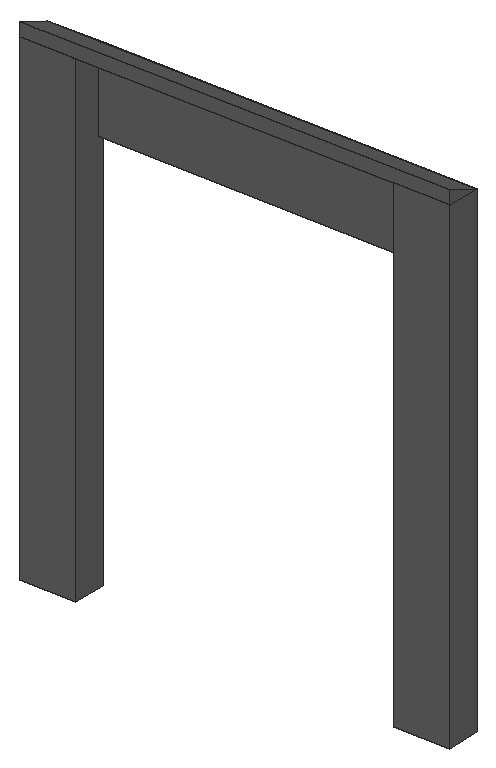
Revit family "S-700 (DSH)", category Generic Models, host Wall, Revit 2015
Parameters (values of type "9'x12' Door")
  Width = 10' - 7"
  URL = "https://www.entrematic.us/en/ent/entrematicus/"
  SidePadHeight = 12' - 0"
  Projection = 0' - 10"
  Opening = 7' - 10"
  Model = "S-700/DSH"
  Manufacturer = "Entrematic"
  DropCurtain = 2' - 0"
  Description = "Foam Dock Seal"
Types (7): name | Width | SidePadHeight | Opening
  (no name) | 10' - 7" | 12' - 0" | 7' - 10"
  8'x10' Door | 9' - 6" | 10' - 0" | 7' - 6"
  8.5'x10' Door | 10' - 0" | 10' - 0" | 7' - 8"
  9'x10' Door | 10' - 7" | 10' - 0" | 7' - 10"
  8'x12' Door | 9' - 6" | 12' - 0" | 7' - 6"
  8.5'x12' Door | 10' - 0" | 12' - 0" | 7' - 8"
  9'x12' Door | 10' - 7" | 12' - 0" | 7' - 10"
Reference planes (in)
  plane 1: y = 0
  plane 2 "Center (Left/Right)": x = 0
  plane 3 "Wall Edge": y = 3
  plane 4: x = -47
  plane 5: x = -63.5
  plane 6: x = 47
  plane 7: x = 63.5
  plane 8: z = 148
  plane 9: z = 144
  plane 10: y = 13
  plane 11: y = 3
  plane 12: y = 13.03125
  plane 13: x = 51
  plane 14: x = 54
  plane 15: x = -51
  plane 16: x = -54
  plane 17: y = 11
  plane 18: z = 120
Forms (in)
  Extrusion 1, solid, material "Skin"
    sketch origin (0, 3, 0) x (1, 0, 0) y (0, 0, 1)
      loop
        line (63.5, 144) -> (47, 144) -> (47, 0) -> (63.5, 0) -> (63.5, 144)
      loop
        line (-47, 144) -> (-63.5, 144) -> (-63.5, 0) -> (-47, 0) -> (-47, 144)
    from 0 to -10
  Extrusion 2, solid, material "Guide Stripe"
    sketch origin (0, 3, 0) x (1, 0, 0) y (0, 0, 1)
      loop
        line (54, 0) -> (54, 120) -> (51, 120) -> (51, 0) -> (54, 0)
      loop
        line (-54, 0) -> (-51, 0) -> (-51, 120) -> (-54, 120) -> (-54, 0)
    from -10.03125 to -10
  Extrusion 3, solid, material "Skin"
    sketch origin (0, 0, 48) x (0, 1, 0) y (0, 0, 1)
      loop
        line (3, 100) -> (3, 96) -> (13, 96) -> (3, 100)
    from -63.5 to 63.5
  Extrusion 4, solid, material "Skin"
    sketch origin (0, 0, 0) x (0, 1, 0) y (0, 0, 1)
      loop
        line (11, 144) -> (11, 120) -> (13, 120) -> (13, 144) -> (11, 144)
    from -47 to 47
Text (in)
  text "Placement Side" at (0, 40.15149, 123.01588), in view "Right"
  text "Placement Side" at (-70.3804, 28.46503, 0), in view "Ref. Level"
  text "Placement Side" at (0, 81.62555, 140.59947), in view "Left"
Dimensions and locks (in)
  locked: plane 3 "Wall Edge" to host wall
  equal spacing: plane 6, plane 2 "Center (Left/Right)", plane 4
  "Opening": plane 6 to plane 4
  equal spacing: plane 7, plane 2 "Center (Left/Right)", plane 5
  "Width": plane 7 to plane 5
  "SidePadHeight": level to plane 9
  "Projection": plane 10 to plane 11
  plane 12 to plane 10 = 0' - 0 1/32"
  plane 14 to plane 13 to plane 6 = 0' - 3" locked, 0' - 4" locked
  plane 16 to plane 15 to plane 4 = 0' - 3" locked, 0' - 4" locked
  locked: plane 9 to plane 8 at 4
  locked: plane 17 to plane 10 at 2
  "DropCurtain": plane 18 to plane 9
  "Projection": plane 3 "Wall Edge" to Extrusion 3 sketch curve
  aligned and locked: plane 11 to host wall
  aligned and locked: Extrusion 1 sketch curve to level
  aligned and locked: Extrusion 1 sketch curve to plane 6
  aligned and locked: Extrusion 1 sketch curve to plane 4
  aligned and locked: Extrusion 1 sketch curve to plane 5
  aligned and locked: Extrusion 1 sketch curve to plane 9
  aligned and locked: level to Extrusion 1 sketch curve
  aligned and locked: Extrusion 1 to plane 11
  aligned and locked: plane 13 to Extrusion 2 sketch curve
  aligned and locked: Extrusion 2 sketch curve to plane 14
  aligned and locked: Extrusion 2 sketch curve to plane 16
  aligned and locked: Extrusion 2 sketch curve to plane 15
  aligned and locked: level to Extrusion 2 sketch curve
  aligned and locked: Extrusion 2 to plane 10
  aligned and locked: plane 12 to Extrusion 2
  aligned and locked: Extrusion 3 sketch curve to plane 9
  aligned and locked: Extrusion 3 sketch curve to plane 11
  aligned and locked: Extrusion 3 to plane 9
  aligned and locked: Extrusion 3 to plane 5
  aligned and locked: plane 7 to Extrusion 3
  aligned and locked: plane 17 to Extrusion 4 sketch curve
  aligned and locked: Extrusion 4 sketch curve to plane 9
  aligned and locked: Extrusion 4 to plane 4
  aligned and locked: Extrusion 4 to plane 18
  aligned and locked: plane 18 to Extrusion 2  (x2)
  aligned and locked: plane 6 to Extrusion 4
  aligned and locked: Extrusion 2 to level
  aligned and locked: Extrusion 4 sketch curve to plane 10
  aligned and locked: plane 10 to Extrusion 1
  aligned and locked: plane 7 to Extrusion 1
  aligned and locked: plane 9 to Extrusion 1
Automatic sketch dimensions
  plane 7 to Extrusion 1 sketch curve = 0' - 0"
  plane 9 to Extrusion 1 sketch curve = 0' - 0"
  Extrusion 2 sketch curve to plane 9 = 2' - 0"  (x2)
  Extrusion 4 sketch curve to plane 9 = 2' - 0"
  Extrusion 2 sketch curve to level = 0' - 0"
  Extrusion 3 sketch curve to plane 8 = 0' - 0"
